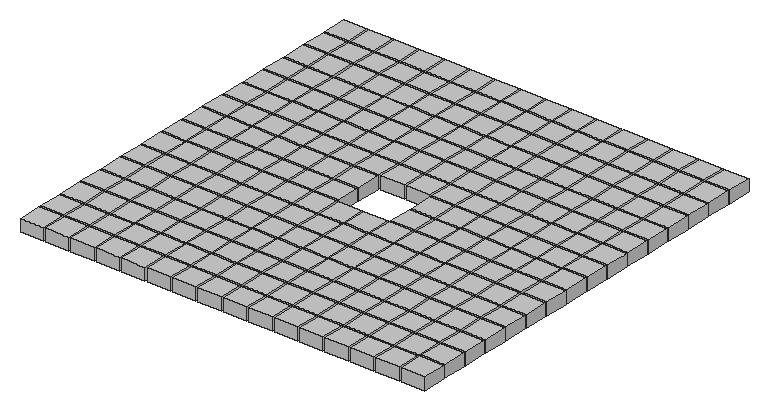
Revit family "Alcorque Ecológico", category Furniture, Revit 2020 (continued)
Automatic sketch dimensions
  Extrusion 95 sketch curve to Extrusion 95 sketch curve = 0.115 m
  Extrusion 96 sketch curve to Extrusion 96 sketch curve = 0.115 m
  plane 1299 to Extrusion 109 sketch curve = 0.005 m
  plane 1311 to Extrusion 110 sketch curve = 0.005 m
  plane 1323 to Extrusion 111 sketch curve = 0.005 m
  plane 1335 to Extrusion 112 sketch curve = 0.005 m
  plane 1347 to Extrusion 113 sketch curve = 0.005 m
  plane 1359 to Extrusion 114 sketch curve = 0.005 m
  plane 1371 to Extrusion 115 sketch curve = 0.005 m
  plane 1383 to Extrusion 116 sketch curve = 0.005 m
  Extrusion 117 sketch curve to Extrusion 117 sketch curve = 0.115 m
  Extrusion 118 sketch curve to Extrusion 118 sketch curve = 0.115 m
  Extrusion 119 sketch curve to Extrusion 119 sketch curve = 0.115 m
  Extrusion 120 sketch curve to Extrusion 120 sketch curve = 0.115 m
  plane 1539 to Extrusion 129 sketch curve = 0.005 m
  plane 1551 to Extrusion 130 sketch curve = 0.005 m
  plane 1563 to Extrusion 131 sketch curve = 0.005 m
  Extrusion 132 sketch curve to Extrusion 132 sketch curve = 0.115 m
  Extrusion 133 sketch curve to Extrusion 133 sketch curve = 0.115 m
  Extrusion 134 sketch curve to Extrusion 134 sketch curve = 0.115 m
  plane 1707 to Extrusion 143 sketch curve = 0.005 m
  plane 1719 to Extrusion 144 sketch curve = 0.005 m
  plane 1731 to Extrusion 145 sketch curve = 0.005 m
  plane 1743 to Extrusion 146 sketch curve = 0.005 m
  plane 1755 to Extrusion 147 sketch curve = 0.005 m
  plane 1767 to Extrusion 148 sketch curve = 0.005 m
  Extrusion 149 sketch curve to Extrusion 149 sketch curve = 0.115 m
  Extrusion 150 sketch curve to Extrusion 150 sketch curve = 0.115 m
  plane 1803 to Extrusion 151 sketch curve = 0.005 m
  Extrusion 152 sketch curve to Extrusion 152 sketch curve = 0.115 m
  Extrusion 153 sketch curve to Extrusion 153 sketch curve = 0.115 m
  Extrusion 154 sketch curve to Extrusion 154 sketch curve = 0.115 m
  Extrusion 155 sketch curve to Extrusion 155 sketch curve = 0.115 m
  Extrusion 156 sketch curve to Extrusion 156 sketch curve = 0.115 m
  Extrusion 157 sketch curve to Extrusion 157 sketch curve = 0.115 m
  Extrusion 158 sketch curve to Extrusion 158 sketch curve = 0.115 m
  Extrusion 183 sketch curve to Extrusion 183 sketch curve = 0.115 m
  Extrusion 184 sketch curve to Extrusion 184 sketch curve = 0.115 m
  Extrusion 185 sketch curve to Extrusion 185 sketch curve = 0.115 m
  Extrusion 198 sketch curve to Extrusion 198 sketch curve = 0.115 m
  Extrusion 199 sketch curve to Extrusion 199 sketch curve = 0.115 m
  Extrusion 200 sketch curve to Extrusion 200 sketch curve = 0.115 m
  plane 6135 to Extrusion 513 sketch curve = 0.005 m
  Extrusion 513 sketch curve to plane 6129 = 0.120 m
  Extrusion 513 sketch curve to plane 6129 = 0.005 m
  plane 6147 to Extrusion 514 sketch curve = 0.005 m
  Extrusion 514 sketch curve to plane 6141 = 0.120 m
  Extrusion 514 sketch curve to plane 6141 = 0.005 m
  plane 6159 to Extrusion 515 sketch curve = 0.005 m
  Extrusion 515 sketch curve to plane 6153 = 0.120 m
  Extrusion 515 sketch curve to plane 6153 = 0.005 m
  plane 6171 to Extrusion 516 sketch curve = 0.005 m
  Extrusion 516 sketch curve to plane 6165 = 0.120 m
  Extrusion 516 sketch curve to plane 6165 = 0.005 m
  plane 6183 to Extrusion 517 sketch curve = 0.005 m
  Extrusion 517 sketch curve to plane 6177 = 0.120 m
  Extrusion 517 sketch curve to plane 6177 = 0.005 m
  plane 6195 to Extrusion 518 sketch curve = 0.005 m
  Extrusion 518 sketch curve to plane 6189 = 0.120 m
  Extrusion 518 sketch curve to plane 6189 = 0.005 m
  plane 6207 to Extrusion 519 sketch curve = 0.005 m
  Extrusion 519 sketch curve to plane 6201 = 0.120 m
  Extrusion 519 sketch curve to plane 6201 = 0.005 m
  plane 6219 to Extrusion 520 sketch curve = 0.005 m
  Extrusion 520 sketch curve to plane 6213 = 0.120 m
  Extrusion 520 sketch curve to plane 6213 = 0.005 m
  plane 6231 to Extrusion 521 sketch curve = 0.005 m
  Extrusion 521 sketch curve to plane 6225 = 0.120 m
  Extrusion 521 sketch curve to plane 6225 = 0.005 m
  Extrusion 521 sketch curve to Extrusion 521 sketch curve = 0.115 m
  plane 6243 to Extrusion 522 sketch curve = 0.005 m
  Extrusion 522 sketch curve to plane 6237 = 0.120 m
  Extrusion 522 sketch curve to plane 6237 = 0.005 m
  Extrusion 522 sketch curve to Extrusion 522 sketch curve = 0.115 m
  plane 6255 to Extrusion 523 sketch curve = 0.005 m
  Extrusion 523 sketch curve to plane 6249 = 0.120 m
  Extrusion 523 sketch curve to plane 6249 = 0.005 m
  Extrusion 523 sketch curve to Extrusion 523 sketch curve = 0.115 m
  plane 6267 to Extrusion 524 sketch curve = 0.005 m
  Extrusion 524 sketch curve to plane 6261 = 0.120 m
  Extrusion 524 sketch curve to plane 6261 = 0.005 m
  Extrusion 524 sketch curve to Extrusion 524 sketch curve = 0.115 m
  plane 6279 to Extrusion 525 sketch curve = 0.005 m
  Extrusion 525 sketch curve to plane 6273 = 0.120 m
  Extrusion 525 sketch curve to plane 6273 = 0.005 m
  Extrusion 525 sketch curve to Extrusion 525 sketch curve = 0.115 m
  plane 6291 to Extrusion 526 sketch curve = 0.005 m
  Extrusion 526 sketch curve to plane 6285 = 0.120 m
  Extrusion 526 sketch curve to plane 6285 = 0.005 m
  Extrusion 526 sketch curve to Extrusion 526 sketch curve = 0.115 m
  plane 6303 to Extrusion 527 sketch curve = 0.005 m
  Extrusion 527 sketch curve to plane 6297 = 0.120 m
  Extrusion 527 sketch curve to plane 6297 = 0.005 m
  Extrusion 527 sketch curve to Extrusion 527 sketch curve = 0.115 m
  plane 6315 to Extrusion 528 sketch curve = 0.005 m
  Extrusion 528 sketch curve to plane 6309 = 0.120 m
  Extrusion 528 sketch curve to plane 6309 = 0.005 m
  Extrusion 528 sketch curve to Extrusion 528 sketch curve = 0.115 m
  plane 6327 to Extrusion 529 sketch curve = 0.005 m
  Extrusion 529 sketch curve to plane 6321 = 0.120 m
  Extrusion 529 sketch curve to plane 6321 = 0.005 m
  Extrusion 529 sketch curve to Extrusion 529 sketch curve = 0.115 m
  plane 6339 to Extrusion 530 sketch curve = 0.005 m
  Extrusion 530 sketch curve to plane 6333 = 0.120 m
  Extrusion 530 sketch curve to plane 6333 = 0.005 m
  Extrusion 530 sketch curve to Extrusion 530 sketch curve = 0.115 m
  plane 6351 to Extrusion 531 sketch curve = 0.005 m
  Extrusion 531 sketch curve to plane 6345 = 0.120 m
  Extrusion 531 sketch curve to plane 6345 = 0.005 m
  Extrusion 531 sketch curve to Extrusion 531 sketch curve = 0.115 m
  plane 6363 to Extrusion 532 sketch curve = 0.005 m
  Extrusion 532 sketch curve to plane 6357 = 0.120 m
  Extrusion 532 sketch curve to plane 6357 = 0.005 m
  Extrusion 532 sketch curve to Extrusion 532 sketch curve = 0.115 m
  plane 6375 to Extrusion 533 sketch curve = 0.005 m
  Extrusion 533 sketch curve to plane 6369 = 0.120 m
  Extrusion 533 sketch curve to plane 6369 = 0.005 m
  Extrusion 533 sketch curve to Extrusion 533 sketch curve = 0.115 m
  plane 6387 to Extrusion 534 sketch curve = 0.005 m
  Extrusion 534 sketch curve to plane 6381 = 0.120 m
  Extrusion 534 sketch curve to plane 6381 = 0.005 m
  Extrusion 534 sketch curve to Extrusion 534 sketch curve = 0.115 m
  plane 6399 to Extrusion 535 sketch curve = 0.005 m
  Extrusion 535 sketch curve to plane 6393 = 0.120 m
  Extrusion 535 sketch curve to plane 6393 = 0.005 m
  Extrusion 535 sketch curve to Extrusion 535 sketch curve = 0.115 m
  plane 6411 to Extrusion 536 sketch curve = 0.005 m
  Extrusion 536 sketch curve to plane 6405 = 0.120 m
  Extrusion 536 sketch curve to plane 6405 = 0.005 m
  Extrusion 536 sketch curve to Extrusion 536 sketch curve = 0.115 m
  Extrusion 537 sketch curve to plane 6417 = 0.120 m
  Extrusion 537 sketch curve to plane 6417 = 0.005 m
  Extrusion 537 sketch curve to Extrusion 537 sketch curve = 0.115 m
  Extrusion 538 sketch curve to plane 6429 = 0.120 m
  Extrusion 538 sketch curve to plane 6429 = 0.005 m
  Extrusion 538 sketch curve to Extrusion 538 sketch curve = 0.115 m
  Extrusion 539 sketch curve to plane 6441 = 0.120 m
  Extrusion 539 sketch curve to plane 6441 = 0.005 m
  Extrusion 539 sketch curve to Extrusion 539 sketch curve = 0.115 m
  Extrusion 540 sketch curve to plane 6453 = 0.120 m
  Extrusion 540 sketch curve to plane 6453 = 0.005 m
  Extrusion 540 sketch curve to Extrusion 540 sketch curve = 0.115 m
  Extrusion 541 sketch curve to plane 6465 = 0.120 m
  Extrusion 541 sketch curve to plane 6465 = 0.005 m
  Extrusion 541 sketch curve to Extrusion 541 sketch curve = 0.115 m
  Extrusion 542 sketch curve to plane 6477 = 0.120 m
  Extrusion 542 sketch curve to plane 6477 = 0.005 m
  Extrusion 542 sketch curve to Extrusion 542 sketch curve = 0.115 m
  plane 6495 to Extrusion 543 sketch curve = 0.005 m
  Extrusion 543 sketch curve to plane 6489 = 0.120 m
  Extrusion 543 sketch curve to plane 6489 = 0.005 m
  plane 6507 to Extrusion 544 sketch curve = 0.005 m
  Extrusion 544 sketch curve to plane 6501 = 0.120 m
  Extrusion 544 sketch curve to plane 6501 = 0.005 m
  plane 6519 to Extrusion 545 sketch curve = 0.005 m
  Extrusion 545 sketch curve to plane 6513 = 0.120 m
  Extrusion 545 sketch curve to plane 6513 = 0.005 m
  plane 6531 to Extrusion 546 sketch curve = 0.005 m
  Extrusion 546 sketch curve to plane 6525 = 0.120 m
  Extrusion 546 sketch curve to plane 6525 = 0.005 m
  plane 6543 to Extrusion 547 sketch curve = 0.005 m
  Extrusion 547 sketch curve to plane 6537 = 0.120 m
  Extrusion 547 sketch curve to plane 6537 = 0.005 m
  plane 6555 to Extrusion 548 sketch curve = 0.005 m
  Extrusion 548 sketch curve to plane 6549 = 0.120 m
  Extrusion 548 sketch curve to plane 6549 = 0.005 m
  plane 6567 to Extrusion 549 sketch curve = 0.005 m
  Extrusion 549 sketch curve to plane 6561 = 0.120 m
  Extrusion 549 sketch curve to plane 6561 = 0.005 m
  Extrusion 549 sketch curve to Extrusion 549 sketch curve = 0.115 m
  plane 6579 to Extrusion 550 sketch curve = 0.005 m
  Extrusion 550 sketch curve to plane 6573 = 0.120 m
  Extrusion 550 sketch curve to plane 6573 = 0.005 m
  Extrusion 550 sketch curve to Extrusion 550 sketch curve = 0.115 m
  plane 6591 to Extrusion 551 sketch curve = 0.005 m
  Extrusion 551 sketch curve to plane 6585 = 0.120 m
  Extrusion 551 sketch curve to plane 6585 = 0.005 m
  Extrusion 551 sketch curve to Extrusion 551 sketch curve = 0.115 m
  plane 6603 to Extrusion 552 sketch curve = 0.005 m
  Extrusion 552 sketch curve to plane 6597 = 0.120 m
  Extrusion 552 sketch curve to plane 6597 = 0.005 m
  Extrusion 552 sketch curve to Extrusion 552 sketch curve = 0.115 m
  plane 6615 to Extrusion 553 sketch curve = 0.005 m
  Extrusion 553 sketch curve to plane 6609 = 0.120 m
  Extrusion 553 sketch curve to plane 6609 = 0.005 m
  Extrusion 553 sketch curve to Extrusion 553 sketch curve = 0.115 m
  plane 6627 to Extrusion 554 sketch curve = 0.005 m
  Extrusion 554 sketch curve to plane 6621 = 0.120 m
  Extrusion 554 sketch curve to plane 6621 = 0.005 m
  Extrusion 554 sketch curve to Extrusion 554 sketch curve = 0.115 m
  plane 6639 to Extrusion 555 sketch curve = 0.005 m
  Extrusion 555 sketch curve to plane 6633 = 0.120 m
  Extrusion 555 sketch curve to plane 6633 = 0.005 m
  Extrusion 555 sketch curve to Extrusion 555 sketch curve = 0.115 m
  plane 6651 to Extrusion 556 sketch curve = 0.005 m
  Extrusion 556 sketch curve to plane 6645 = 0.120 m
  Extrusion 556 sketch curve to plane 6645 = 0.005 m
  Extrusion 556 sketch curve to Extrusion 556 sketch curve = 0.115 m
  plane 6663 to Extrusion 557 sketch curve = 0.005 m
  Extrusion 557 sketch curve to plane 6657 = 0.120 m
  Extrusion 557 sketch curve to plane 6657 = 0.005 m
  Extrusion 557 sketch curve to Extrusion 557 sketch curve = 0.115 m
  plane 6675 to Extrusion 558 sketch curve = 0.005 m
  Extrusion 558 sketch curve to plane 6669 = 0.120 m
  Extrusion 558 sketch curve to plane 6669 = 0.005 m
  Extrusion 558 sketch curve to Extrusion 558 sketch curve = 0.115 m
  plane 6687 to Extrusion 559 sketch curve = 0.005 m
  Extrusion 559 sketch curve to plane 6681 = 0.120 m
  Extrusion 559 sketch curve to plane 6681 = 0.005 m
  Extrusion 559 sketch curve to Extrusion 559 sketch curve = 0.115 m
  plane 6699 to Extrusion 560 sketch curve = 0.005 m
  Extrusion 560 sketch curve to plane 6693 = 0.120 m
  Extrusion 560 sketch curve to plane 6693 = 0.005 m
  Extrusion 560 sketch curve to Extrusion 560 sketch curve = 0.115 m
  Extrusion 561 sketch curve to plane 6705 = 0.120 m
  Extrusion 561 sketch curve to plane 6705 = 0.005 m
  Extrusion 561 sketch curve to Extrusion 561 sketch curve = 0.115 m
  Extrusion 562 sketch curve to plane 6717 = 0.120 m
  Extrusion 562 sketch curve to plane 6717 = 0.005 m
  Extrusion 562 sketch curve to Extrusion 562 sketch curve = 0.115 m
  Extrusion 563 sketch curve to plane 6729 = 0.120 m
  Extrusion 563 sketch curve to plane 6729 = 0.005 m
  Extrusion 563 sketch curve to Extrusion 563 sketch curve = 0.115 m
  Extrusion 564 sketch curve to plane 6741 = 0.120 m
  Extrusion 564 sketch curve to plane 6741 = 0.005 m
  Extrusion 564 sketch curve to Extrusion 564 sketch curve = 0.115 m
  Extrusion 565 sketch curve to plane 6753 = 0.120 m
  Extrusion 565 sketch curve to plane 6753 = 0.005 m
  Extrusion 565 sketch curve to Extrusion 565 sketch curve = 0.115 m
  Extrusion 566 sketch curve to plane 6765 = 0.120 m
  Extrusion 566 sketch curve to plane 6765 = 0.005 m
  Extrusion 566 sketch curve to Extrusion 566 sketch curve = 0.115 m
  Extrusion 567 sketch curve to plane 6777 = 0.120 m
  Extrusion 567 sketch curve to plane 6777 = 0.005 m
  Extrusion 567 sketch curve to Extrusion 567 sketch curve = 0.115 m
  Extrusion 568 sketch curve to plane 6789 = 0.120 m
  Extrusion 568 sketch curve to plane 6789 = 0.005 m
  Extrusion 568 sketch curve to Extrusion 568 sketch curve = 0.115 m
  plane 6807 to Extrusion 569 sketch curve = 0.005 m
  Extrusion 569 sketch curve to plane 6801 = 0.120 m
  Extrusion 569 sketch curve to plane 6801 = 0.005 m
  plane 6819 to Extrusion 570 sketch curve = 0.005 m
  Extrusion 570 sketch curve to plane 6813 = 0.120 m
  Extrusion 570 sketch curve to plane 6813 = 0.005 m
  plane 6831 to Extrusion 571 sketch curve = 0.005 m
  Extrusion 571 sketch curve to plane 6825 = 0.120 m
  Extrusion 571 sketch curve to plane 6825 = 0.005 m
  plane 6843 to Extrusion 572 sketch curve = 0.005 m
  Extrusion 572 sketch curve to plane 6837 = 0.120 m
  Extrusion 572 sketch curve to plane 6837 = 0.005 m
  plane 6855 to Extrusion 573 sketch curve = 0.005 m
  Extrusion 573 sketch curve to plane 6849 = 0.120 m
  Extrusion 573 sketch curve to plane 6849 = 0.005 m
  Extrusion 573 sketch curve to Extrusion 573 sketch curve = 0.115 m
  plane 6867 to Extrusion 574 sketch curve = 0.005 m
  Extrusion 574 sketch curve to plane 6861 = 0.120 m
  Extrusion 574 sketch curve to plane 6861 = 0.005 m
  Extrusion 574 sketch curve to Extrusion 574 sketch curve = 0.115 m
  plane 6879 to Extrusion 575 sketch curve = 0.005 m
  Extrusion 575 sketch curve to plane 6873 = 0.120 m
  Extrusion 575 sketch curve to plane 6873 = 0.005 m
  Extrusion 575 sketch curve to Extrusion 575 sketch curve = 0.115 m
  plane 6891 to Extrusion 576 sketch curve = 0.005 m
  Extrusion 576 sketch curve to plane 6885 = 0.120 m
  Extrusion 576 sketch curve to plane 6885 = 0.005 m
  Extrusion 576 sketch curve to Extrusion 576 sketch curve = 0.115 m
  plane 6903 to Extrusion 577 sketch curve = 0.005 m
  Extrusion 577 sketch curve to plane 6897 = 0.120 m
  Extrusion 577 sketch curve to plane 6897 = 0.005 m
  Extrusion 577 sketch curve to Extrusion 577 sketch curve = 0.115 m
  plane 6915 to Extrusion 578 sketch curve = 0.005 m
  Extrusion 578 sketch curve to plane 6909 = 0.120 m
  Extrusion 578 sketch curve to plane 6909 = 0.005 m
  Extrusion 578 sketch curve to Extrusion 578 sketch curve = 0.115 m
  plane 6927 to Extrusion 579 sketch curve = 0.005 m
  Extrusion 579 sketch curve to plane 6921 = 0.120 m
  Extrusion 579 sketch curve to plane 6921 = 0.005 m
  Extrusion 579 sketch curve to Extrusion 579 sketch curve = 0.115 m
  plane 6939 to Extrusion 580 sketch curve = 0.005 m
  Extrusion 580 sketch curve to plane 6933 = 0.120 m
  Extrusion 580 sketch curve to plane 6933 = 0.005 m
  Extrusion 580 sketch curve to Extrusion 580 sketch curve = 0.115 m
  Extrusion 581 sketch curve to plane 6945 = 0.120 m
  Extrusion 581 sketch curve to plane 6945 = 0.005 m
  Extrusion 581 sketch curve to Extrusion 581 sketch curve = 0.115 m
  Extrusion 582 sketch curve to plane 6957 = 0.120 m
  Extrusion 582 sketch curve to plane 6957 = 0.005 m
  Extrusion 582 sketch curve to Extrusion 582 sketch curve = 0.115 m
  Extrusion 583 sketch curve to plane 6969 = 0.120 m
  Extrusion 583 sketch curve to plane 6969 = 0.005 m
  Extrusion 583 sketch curve to Extrusion 583 sketch curve = 0.115 m
  plane 6987 to Extrusion 584 sketch curve = 0.005 m
  Extrusion 584 sketch curve to plane 6981 = 0.120 m
  Extrusion 584 sketch curve to plane 6981 = 0.005 m
  plane 6999 to Extrusion 585 sketch curve = 0.005 m
  Extrusion 585 sketch curve to plane 6993 = 0.120 m
  Extrusion 585 sketch curve to plane 6993 = 0.005 m
  plane 7011 to Extrusion 586 sketch curve = 0.005 m
  Extrusion 586 sketch curve to plane 7005 = 0.120 m
  Extrusion 586 sketch curve to plane 7005 = 0.005 m
  plane 7023 to Extrusion 587 sketch curve = 0.005 m
  Extrusion 587 sketch curve to plane 7017 = 0.120 m
  Extrusion 587 sketch curve to plane 7017 = 0.005 m
  Extrusion 587 sketch curve to Extrusion 587 sketch curve = 0.115 m
  plane 7035 to Extrusion 588 sketch curve = 0.005 m
  Extrusion 588 sketch curve to plane 7029 = 0.120 m
  Extrusion 588 sketch curve to plane 7029 = 0.005 m
  Extrusion 588 sketch curve to Extrusion 588 sketch curve = 0.115 m
  plane 7047 to Extrusion 589 sketch curve = 0.005 m
  Extrusion 589 sketch curve to plane 7041 = 0.120 m
  Extrusion 589 sketch curve to plane 7041 = 0.005 m
  Extrusion 589 sketch curve to Extrusion 589 sketch curve = 0.115 m
  plane 7059 to Extrusion 590 sketch curve = 0.005 m
  Extrusion 590 sketch curve to plane 7053 = 0.120 m
  Extrusion 590 sketch curve to plane 7053 = 0.005 m
  Extrusion 590 sketch curve to Extrusion 590 sketch curve = 0.115 m
  plane 7071 to Extrusion 591 sketch curve = 0.005 m
  Extrusion 591 sketch curve to plane 7065 = 0.120 m
  Extrusion 591 sketch curve to plane 7065 = 0.005 m
  Extrusion 591 sketch curve to Extrusion 591 sketch curve = 0.115 m
  plane 7083 to Extrusion 592 sketch curve = 0.005 m
  Extrusion 592 sketch curve to plane 7077 = 0.120 m
  Extrusion 592 sketch curve to plane 7077 = 0.005 m
  Extrusion 592 sketch curve to Extrusion 592 sketch curve = 0.115 m
  plane 7095 to Extrusion 593 sketch curve = 0.005 m
  Extrusion 593 sketch curve to plane 7089 = 0.120 m
  Extrusion 593 sketch curve to plane 7089 = 0.005 m
  Extrusion 593 sketch curve to Extrusion 593 sketch curve = 0.115 m
  plane 7107 to Extrusion 594 sketch curve = 0.005 m
  Extrusion 594 sketch curve to plane 7101 = 0.120 m
  Extrusion 594 sketch curve to plane 7101 = 0.005 m
  Extrusion 594 sketch curve to Extrusion 594 sketch curve = 0.115 m
  Extrusion 595 sketch curve to plane 7113 = 0.120 m
  Extrusion 595 sketch curve to plane 7113 = 0.005 m
  Extrusion 595 sketch curve to Extrusion 595 sketch curve = 0.115 m
  Extrusion 596 sketch curve to plane 7125 = 0.120 m
  Extrusion 596 sketch curve to plane 7125 = 0.005 m
  Extrusion 596 sketch curve to Extrusion 596 sketch curve = 0.115 m
  Extrusion 597 sketch curve to plane 7137 = 0.120 m
  Extrusion 597 sketch curve to plane 7137 = 0.005 m
  Extrusion 597 sketch curve to Extrusion 597 sketch curve = 0.115 m
  Extrusion 598 sketch curve to plane 7149 = 0.120 m
  Extrusion 598 sketch curve to plane 7149 = 0.005 m
  Extrusion 598 sketch curve to Extrusion 598 sketch curve = 0.115 m
  Extrusion 599 sketch curve to plane 7161 = 0.120 m
  Extrusion 599 sketch curve to plane 7161 = 0.005 m
  Extrusion 599 sketch curve to Extrusion 599 sketch curve = 0.115 m
  Extrusion 600 sketch curve to plane 7173 = 0.120 m
  Extrusion 600 sketch curve to plane 7173 = 0.005 m
  Extrusion 600 sketch curve to Extrusion 600 sketch curve = 0.115 m
  plane 7191 to Extrusion 601 sketch curve = 0.005 m
  Extrusion 601 sketch curve to plane 7185 = 0.120 m
  Extrusion 601 sketch curve to plane 7185 = 0.005 m
  plane 7203 to Extrusion 602 sketch curve = 0.005 m
  Extrusion 602 sketch curve to plane 7197 = 0.120 m
  Extrusion 602 sketch curve to plane 7197 = 0.005 m
  Extrusion 603 sketch curve to plane 7209 = 0.120 m
  Extrusion 603 sketch curve to plane 7209 = 0.005 m
  Extrusion 603 sketch curve to Extrusion 603 sketch curve = 0.115 m
  plane 7227 to Extrusion 604 sketch curve = 0.005 m
  Extrusion 604 sketch curve to plane 7221 = 0.120 m
  Extrusion 604 sketch curve to plane 7221 = 0.005 m
  plane 7239 to Extrusion 605 sketch curve = 0.005 m
  Extrusion 605 sketch curve to plane 7233 = 0.120 m
  Extrusion 605 sketch curve to plane 7233 = 0.005 m
  plane 7251 to Extrusion 606 sketch curve = 0.005 m
  Extrusion 606 sketch curve to plane 7245 = 0.120 m
  Extrusion 606 sketch curve to plane 7245 = 0.005 m
  plane 7263 to Extrusion 607 sketch curve = 0.005 m
  Extrusion 607 sketch curve to plane 7257 = 0.120 m
  Extrusion 607 sketch curve to plane 7257 = 0.005 m
  plane 7275 to Extrusion 608 sketch curve = 0.005 m
  Extrusion 608 sketch curve to plane 7269 = 0.120 m
  Extrusion 608 sketch curve to plane 7269 = 0.005 m
  plane 7287 to Extrusion 609 sketch curve = 0.005 m
  Extrusion 609 sketch curve to plane 7281 = 0.120 m
  Extrusion 609 sketch curve to plane 7281 = 0.005 m
  plane 7299 to Extrusion 610 sketch curve = 0.005 m
  Extrusion 610 sketch curve to plane 7293 = 0.120 m
  Extrusion 610 sketch curve to plane 7293 = 0.005 m
  plane 7311 to Extrusion 611 sketch curve = 0.005 m
  Extrusion 611 sketch curve to plane 7305 = 0.120 m
  Extrusion 611 sketch curve to plane 7305 = 0.005 m
  Extrusion 611 sketch curve to Extrusion 611 sketch curve = 0.115 m
  plane 7323 to Extrusion 612 sketch curve = 0.005 m
  Extrusion 612 sketch curve to plane 7317 = 0.120 m
  Extrusion 612 sketch curve to plane 7317 = 0.005 m
  Extrusion 612 sketch curve to Extrusion 612 sketch curve = 0.115 m
  plane 7335 to Extrusion 613 sketch curve = 0.005 m
  Extrusion 613 sketch curve to plane 7329 = 0.120 m
  Extrusion 613 sketch curve to plane 7329 = 0.005 m
  Extrusion 613 sketch curve to Extrusion 613 sketch curve = 0.115 m
  plane 7347 to Extrusion 614 sketch curve = 0.005 m
  Extrusion 614 sketch curve to plane 7341 = 0.120 m
  Extrusion 614 sketch curve to plane 7341 = 0.005 m
  Extrusion 614 sketch curve to Extrusion 614 sketch curve = 0.115 m
  plane 7359 to Extrusion 615 sketch curve = 0.005 m
  Extrusion 615 sketch curve to plane 7353 = 0.120 m
  Extrusion 615 sketch curve to plane 7353 = 0.005 m
  Extrusion 615 sketch curve to Extrusion 615 sketch curve = 0.115 m
  plane 7371 to Extrusion 616 sketch curve = 0.005 m
  Extrusion 616 sketch curve to plane 7365 = 0.120 m
  Extrusion 616 sketch curve to plane 7365 = 0.005 m
  Extrusion 616 sketch curve to Extrusion 616 sketch curve = 0.115 m
  plane 7383 to Extrusion 617 sketch curve = 0.005 m
  Extrusion 617 sketch curve to plane 7377 = 0.120 m
  Extrusion 617 sketch curve to plane 7377 = 0.005 m
  Extrusion 617 sketch curve to Extrusion 617 sketch curve = 0.115 m
  plane 7395 to Extrusion 618 sketch curve = 0.005 m
  Extrusion 618 sketch curve to plane 7389 = 0.120 m
  Extrusion 618 sketch curve to plane 7389 = 0.005 m
  Extrusion 618 sketch curve to Extrusion 618 sketch curve = 0.115 m
  plane 7407 to Extrusion 619 sketch curve = 0.005 m
  Extrusion 619 sketch curve to plane 7401 = 0.120 m
  Extrusion 619 sketch curve to plane 7401 = 0.005 m
  Extrusion 619 sketch curve to Extrusion 619 sketch curve = 0.115 m
  plane 7419 to Extrusion 620 sketch curve = 0.005 m
  Extrusion 620 sketch curve to plane 7413 = 0.120 m
  Extrusion 620 sketch curve to plane 7413 = 0.005 m
  Extrusion 620 sketch curve to Extrusion 620 sketch curve = 0.115 m
  plane 7431 to Extrusion 621 sketch curve = 0.005 m
  Extrusion 621 sketch curve to plane 7425 = 0.120 m
  Extrusion 621 sketch curve to plane 7425 = 0.005 m
  Extrusion 621 sketch curve to Extrusion 621 sketch curve = 0.115 m
  plane 7443 to Extrusion 622 sketch curve = 0.005 m
  Extrusion 622 sketch curve to plane 7437 = 0.120 m
  Extrusion 622 sketch curve to plane 7437 = 0.005 m
  Extrusion 622 sketch curve to Extrusion 622 sketch curve = 0.115 m
  plane 7455 to Extrusion 623 sketch curve = 0.005 m
  Extrusion 623 sketch curve to plane 7449 = 0.120 m
  Extrusion 623 sketch curve to plane 7449 = 0.005 m
  Extrusion 623 sketch curve to Extrusion 623 sketch curve = 0.115 m
  plane 7467 to Extrusion 624 sketch curve = 0.005 m
  Extrusion 624 sketch curve to plane 7461 = 0.120 m
  Extrusion 624 sketch curve to plane 7461 = 0.005 m
  Extrusion 624 sketch curve to Extrusion 624 sketch curve = 0.115 m
  plane 7479 to Extrusion 625 sketch curve = 0.005 m
  Extrusion 625 sketch curve to plane 7473 = 0.120 m
  Extrusion 625 sketch curve to plane 7473 = 0.005 m
  Extrusion 625 sketch curve to Extrusion 625 sketch curve = 0.115 m
  plane 7491 to Extrusion 626 sketch curve = 0.005 m
  Extrusion 626 sketch curve to plane 7485 = 0.120 m
  Extrusion 626 sketch curve to plane 7485 = 0.005 m
  Extrusion 626 sketch curve to Extrusion 626 sketch curve = 0.115 m
  plane 7503 to Extrusion 627 sketch curve = 0.005 m
  Extrusion 627 sketch curve to plane 7497 = 0.120 m
  Extrusion 627 sketch curve to plane 7497 = 0.005 m
  Extrusion 627 sketch curve to Extrusion 627 sketch curve = 0.115 m
  plane 7515 to Extrusion 628 sketch curve = 0.005 m
  Extrusion 628 sketch curve to plane 7509 = 0.120 m
  Extrusion 628 sketch curve to plane 7509 = 0.005 m
  Extrusion 628 sketch curve to Extrusion 628 sketch curve = 0.115 m
  plane 7527 to Extrusion 629 sketch curve = 0.005 m
  Extrusion 629 sketch curve to plane 7521 = 0.120 m
  Extrusion 629 sketch curve to plane 7521 = 0.005 m
  Extrusion 629 sketch curve to Extrusion 629 sketch curve = 0.115 m
  plane 7539 to Extrusion 630 sketch curve = 0.005 m
  Extrusion 630 sketch curve to plane 7533 = 0.120 m
  Extrusion 630 sketch curve to plane 7533 = 0.005 m
  Extrusion 630 sketch curve to Extrusion 630 sketch curve = 0.115 m
  plane 7551 to Extrusion 631 sketch curve = 0.005 m
  Extrusion 631 sketch curve to plane 7545 = 0.120 m
  Extrusion 631 sketch curve to plane 7545 = 0.005 m
  Extrusion 631 sketch curve to Extrusion 631 sketch curve = 0.115 m
  plane 7563 to Extrusion 632 sketch curve = 0.005 m
  Extrusion 632 sketch curve to plane 7557 = 0.120 m
  Extrusion 632 sketch curve to plane 7557 = 0.005 m
  Extrusion 632 sketch curve to Extrusion 632 sketch curve = 0.115 m
  plane 7575 to Extrusion 633 sketch curve = 0.005 m
  Extrusion 633 sketch curve to plane 7569 = 0.120 m
  Extrusion 633 sketch curve to plane 7569 = 0.005 m
  Extrusion 633 sketch curve to Extrusion 633 sketch curve = 0.115 m
  plane 7587 to Extrusion 634 sketch curve = 0.005 m
  Extrusion 634 sketch curve to plane 7581 = 0.120 m
  Extrusion 634 sketch curve to plane 7581 = 0.005 m
  Extrusion 634 sketch curve to Extrusion 634 sketch curve = 0.115 m
  plane 7599 to Extrusion 635 sketch curve = 0.005 m
  Extrusion 635 sketch curve to plane 7593 = 0.120 m
  Extrusion 635 sketch curve to plane 7593 = 0.005 m
  plane 7611 to Extrusion 636 sketch curve = 0.005 m
  Extrusion 636 sketch curve to plane 7605 = 0.120 m
  Extrusion 636 sketch curve to plane 7605 = 0.005 m
  plane 7623 to Extrusion 637 sketch curve = 0.005 m
  Extrusion 637 sketch curve to plane 7617 = 0.120 m
  Extrusion 637 sketch curve to plane 7617 = 0.005 m
  plane 7635 to Extrusion 638 sketch curve = 0.005 m
  Extrusion 638 sketch curve to plane 7629 = 0.120 m
  Extrusion 638 sketch curve to plane 7629 = 0.005 m
  Extrusion 638 sketch curve to Extrusion 638 sketch curve = 0.115 m
  plane 7647 to Extrusion 639 sketch curve = 0.005 m
  Extrusion 639 sketch curve to plane 7641 = 0.120 m
  Extrusion 639 sketch curve to plane 7641 = 0.005 m
  Extrusion 639 sketch curve to Extrusion 639 sketch curve = 0.115 m
  plane 7659 to Extrusion 640 sketch curve = 0.005 m
  Extrusion 640 sketch curve to plane 7653 = 0.120 m
  Extrusion 640 sketch curve to plane 7653 = 0.005 m
  Extrusion 640 sketch curve to Extrusion 640 sketch curve = 0.115 m
  plane 7671 to Extrusion 641 sketch curve = 0.005 m
  Extrusion 641 sketch curve to plane 7665 = 0.120 m
  Extrusion 641 sketch curve to plane 7665 = 0.005 m
  Extrusion 641 sketch curve to Extrusion 641 sketch curve = 0.115 m
  plane 7683 to Extrusion 642 sketch curve = 0.005 m
  Extrusion 642 sketch curve to plane 7677 = 0.120 m
  Extrusion 642 sketch curve to plane 7677 = 0.005 m
  Extrusion 642 sketch curve to Extrusion 642 sketch curve = 0.115 m
  plane 7695 to Extrusion 643 sketch curve = 0.005 m
  Extrusion 643 sketch curve to plane 7689 = 0.120 m
  Extrusion 643 sketch curve to plane 7689 = 0.005 m
  Extrusion 643 sketch curve to Extrusion 643 sketch curve = 0.115 m
  plane 7707 to Extrusion 644 sketch curve = 0.005 m
  Extrusion 644 sketch curve to plane 7701 = 0.120 m
  Extrusion 644 sketch curve to plane 7701 = 0.005 m
  Extrusion 644 sketch curve to Extrusion 644 sketch curve = 0.115 m
  plane 7719 to Extrusion 645 sketch curve = 0.005 m
  Extrusion 645 sketch curve to plane 7713 = 0.120 m
  Extrusion 645 sketch curve to plane 7713 = 0.005 m
  Extrusion 645 sketch curve to Extrusion 645 sketch curve = 0.115 m
  plane 7731 to Extrusion 646 sketch curve = 0.005 m
  Extrusion 646 sketch curve to plane 7725 = 0.120 m
  Extrusion 646 sketch curve to plane 7725 = 0.005 m
  Extrusion 646 sketch curve to Extrusion 646 sketch curve = 0.115 m
  plane 7743 to Extrusion 647 sketch curve = 0.005 m
  Extrusion 647 sketch curve to plane 7737 = 0.120 m
  Extrusion 647 sketch curve to plane 7737 = 0.005 m
  Extrusion 647 sketch curve to Extrusion 647 sketch curve = 0.115 m
  plane 7755 to Extrusion 648 sketch curve = 0.005 m
  Extrusion 648 sketch curve to plane 7749 = 0.120 m
  Extrusion 648 sketch curve to plane 7749 = 0.005 m
  Extrusion 648 sketch curve to Extrusion 648 sketch curve = 0.115 m
  plane 7767 to Extrusion 649 sketch curve = 0.005 m
  Extrusion 649 sketch curve to plane 7761 = 0.120 m
  Extrusion 649 sketch curve to plane 7761 = 0.005 m
  Extrusion 649 sketch curve to Extrusion 649 sketch curve = 0.115 m
  plane 7779 to Extrusion 650 sketch curve = 0.005 m
  Extrusion 650 sketch curve to plane 7773 = 0.120 m
  Extrusion 650 sketch curve to plane 7773 = 0.005 m
  plane 7791 to Extrusion 651 sketch curve = 0.005 m
  Extrusion 651 sketch curve to plane 7785 = 0.120 m
  Extrusion 651 sketch curve to plane 7785 = 0.005 m
  plane 7803 to Extrusion 652 sketch curve = 0.005 m
  Extrusion 652 sketch curve to plane 7797 = 0.120 m
  Extrusion 652 sketch curve to plane 7797 = 0.005 m
  Extrusion 513 sketch curve to Extrusion 513 sketch curve = 0.115 m
  Extrusion 514 sketch curve to Extrusion 514 sketch curve = 0.115 m
  Extrusion 515 sketch curve to Extrusion 515 sketch curve = 0.115 m
  Extrusion 516 sketch curve to Extrusion 516 sketch curve = 0.115 m
  Extrusion 517 sketch curve to Extrusion 517 sketch curve = 0.115 m
  Extrusion 518 sketch curve to Extrusion 518 sketch curve = 0.115 m
  Extrusion 519 sketch curve to Extrusion 519 sketch curve = 0.115 m
  Extrusion 520 sketch curve to Extrusion 520 sketch curve = 0.115 m
  plane 6423 to Extrusion 537 sketch curve = 0.005 m
  plane 6435 to Extrusion 538 sketch curve = 0.005 m
  plane 6447 to Extrusion 539 sketch curve = 0.005 m
  plane 6459 to Extrusion 540 sketch curve = 0.005 m
  plane 6471 to Extrusion 541 sketch curve = 0.005 m
  plane 6483 to Extrusion 542 sketch curve = 0.005 m
  Extrusion 543 sketch curve to Extrusion 543 sketch curve = 0.115 m
  Extrusion 544 sketch curve to Extrusion 544 sketch curve = 0.115 m
  Extrusion 545 sketch curve to Extrusion 545 sketch curve = 0.115 m
  Extrusion 546 sketch curve to Extrusion 546 sketch curve = 0.115 m
  Extrusion 547 sketch curve to Extrusion 547 sketch curve = 0.115 m
  Extrusion 548 sketch curve to Extrusion 548 sketch curve = 0.115 m
  plane 6711 to Extrusion 561 sketch curve = 0.005 m
  plane 6723 to Extrusion 562 sketch curve = 0.005 m
  plane 6735 to Extrusion 563 sketch curve = 0.005 m
  plane 6747 to Extrusion 564 sketch curve = 0.005 m
  plane 6759 to Extrusion 565 sketch curve = 0.005 m
  plane 6771 to Extrusion 566 sketch curve = 0.005 m
  plane 6783 to Extrusion 567 sketch curve = 0.005 m
  plane 6795 to Extrusion 568 sketch curve = 0.005 m
  Extrusion 569 sketch curve to Extrusion 569 sketch curve = 0.115 m
  Extrusion 570 sketch curve to Extrusion 570 sketch curve = 0.115 m
  Extrusion 571 sketch curve to Extrusion 571 sketch curve = 0.115 m
  Extrusion 572 sketch curve to Extrusion 572 sketch curve = 0.115 m
  plane 6951 to Extrusion 581 sketch curve = 0.005 m
  plane 6963 to Extrusion 582 sketch curve = 0.005 m
  plane 6975 to Extrusion 583 sketch curve = 0.005 m
  Extrusion 584 sketch curve to Extrusion 584 sketch curve = 0.115 m
  Extrusion 585 sketch curve to Extrusion 585 sketch curve = 0.115 m
  Extrusion 586 sketch curve to Extrusion 586 sketch curve = 0.115 m
  plane 7119 to Extrusion 595 sketch curve = 0.005 m
  plane 7131 to Extrusion 596 sketch curve = 0.005 m
  plane 7143 to Extrusion 597 sketch curve = 0.005 m
  plane 7155 to Extrusion 598 sketch curve = 0.005 m
  plane 7167 to Extrusion 599 sketch curve = 0.005 m
  plane 7179 to Extrusion 600 sketch curve = 0.005 m
  Extrusion 601 sketch curve to Extrusion 601 sketch curve = 0.115 m
  Extrusion 602 sketch curve to Extrusion 602 sketch curve = 0.115 m
  plane 7215 to Extrusion 603 sketch curve = 0.005 m
  Extrusion 604 sketch curve to Extrusion 604 sketch curve = 0.115 m
  Extrusion 605 sketch curve to Extrusion 605 sketch curve = 0.115 m
  Extrusion 606 sketch curve to Extrusion 606 sketch curve = 0.115 m
  Extrusion 607 sketch curve to Extrusion 607 sketch curve = 0.115 m
  Extrusion 608 sketch curve to Extrusion 608 sketch curve = 0.115 m
  Extrusion 609 sketch curve to Extrusion 609 sketch curve = 0.115 m
  Extrusion 610 sketch curve to Extrusion 610 sketch curve = 0.115 m
  Extrusion 635 sketch curve to Extrusion 635 sketch curve = 0.115 m
  Extrusion 636 sketch curve to Extrusion 636 sketch curve = 0.115 m
  Extrusion 637 sketch curve to Extrusion 637 sketch curve = 0.115 m
  Extrusion 650 sketch curve to Extrusion 650 sketch curve = 0.115 m
  Extrusion 651 sketch curve to Extrusion 651 sketch curve = 0.115 m
  Extrusion 652 sketch curve to Extrusion 652 sketch curve = 0.115 m
  Extrusion 201 sketch curve to Extrusion 201 sketch curve = 0.115 m
  Extrusion 202 sketch curve to Extrusion 202 sketch curve = 0.115 m
  Extrusion 203 sketch curve to Extrusion 203 sketch curve = 0.115 m
  Extrusion 204 sketch curve to Extrusion 204 sketch curve = 0.115 m
  Extrusion 205 sketch curve to Extrusion 205 sketch curve = 0.115 m
  Extrusion 206 sketch curve to Extrusion 206 sketch curve = 0.115 m
  Extrusion 207 sketch curve to Extrusion 207 sketch curve = 0.115 m
  Extrusion 208 sketch curve to Extrusion 208 sketch curve = 0.115 m
  plane 2691 to Extrusion 225 sketch curve = 0.005 m
  plane 2703 to Extrusion 226 sketch curve = 0.005 m
  plane 2715 to Extrusion 227 sketch curve = 0.005 m
  plane 2727 to Extrusion 228 sketch curve = 0.005 m
  plane 2739 to Extrusion 229 sketch curve = 0.005 m
  plane 2751 to Extrusion 230 sketch curve = 0.005 m
  Extrusion 231 sketch curve to Extrusion 231 sketch curve = 0.115 m
  Extrusion 232 sketch curve to Extrusion 232 sketch curve = 0.115 m
  Extrusion 233 sketch curve to Extrusion 233 sketch curve = 0.115 m
  Extrusion 234 sketch curve to Extrusion 234 sketch curve = 0.115 m
  Extrusion 235 sketch curve to Extrusion 235 sketch curve = 0.115 m
  Extrusion 236 sketch curve to Extrusion 236 sketch curve = 0.115 m
  plane 2979 to Extrusion 249 sketch curve = 0.005 m
  plane 2991 to Extrusion 250 sketch curve = 0.005 m
  plane 3003 to Extrusion 251 sketch curve = 0.005 m
  plane 3015 to Extrusion 252 sketch curve = 0.005 m
  plane 3027 to Extrusion 253 sketch curve = 0.005 m
  plane 3039 to Extrusion 254 sketch curve = 0.005 m
  plane 3051 to Extrusion 255 sketch curve = 0.005 m
  Extrusion 256 sketch curve to Extrusion 256 sketch curve = 0.115 m
  Extrusion 257 sketch curve to Extrusion 257 sketch curve = 0.115 m
  Extrusion 258 sketch curve to Extrusion 258 sketch curve = 0.115 m
  Extrusion 259 sketch curve to Extrusion 259 sketch curve = 0.115 m
  plane 3207 to Extrusion 268 sketch curve = 0.005 m
  plane 3219 to Extrusion 269 sketch curve = 0.005 m
  plane 3231 to Extrusion 270 sketch curve = 0.005 m
  Extrusion 271 sketch curve to Extrusion 271 sketch curve = 0.115 m
  Extrusion 272 sketch curve to Extrusion 272 sketch curve = 0.115 m
  Extrusion 273 sketch curve to Extrusion 273 sketch curve = 0.115 m
  plane 3375 to Extrusion 282 sketch curve = 0.005 m
  plane 3387 to Extrusion 283 sketch curve = 0.005 m
  plane 3399 to Extrusion 284 sketch curve = 0.005 m
  plane 3411 to Extrusion 285 sketch curve = 0.005 m
  plane 3423 to Extrusion 286 sketch curve = 0.005 m
  Extrusion 287 sketch curve to Extrusion 287 sketch curve = 0.115 m
  Extrusion 288 sketch curve to Extrusion 288 sketch curve = 0.115 m
  plane 3459 to Extrusion 289 sketch curve = 0.005 m
  Extrusion 290 sketch curve to Extrusion 290 sketch curve = 0.115 m
  Extrusion 291 sketch curve to Extrusion 291 sketch curve = 0.115 m
  Extrusion 292 sketch curve to Extrusion 292 sketch curve = 0.115 m
  Extrusion 293 sketch curve to Extrusion 293 sketch curve = 0.115 m
  Extrusion 294 sketch curve to Extrusion 294 sketch curve = 0.115 m
  Extrusion 295 sketch curve to Extrusion 295 sketch curve = 0.115 m
  Extrusion 320 sketch curve to Extrusion 320 sketch curve = 0.115 m
  Extrusion 321 sketch curve to Extrusion 321 sketch curve = 0.115 m
  Extrusion 322 sketch curve to Extrusion 322 sketch curve = 0.115 m
  Extrusion 335 sketch curve to Extrusion 335 sketch curve = 0.115 m
  Extrusion 336 sketch curve to Extrusion 336 sketch curve = 0.115 m
  Extrusion 337 sketch curve to Extrusion 337 sketch curve = 0.115 m
  Extrusion 338 sketch curve to Extrusion 338 sketch curve = 0.115 m
  Extrusion 339 sketch curve to Extrusion 339 sketch curve = 0.115 m
  Extrusion 340 sketch curve to Extrusion 340 sketch curve = 0.115 m
  plane 4179 to Extrusion 349 sketch curve = 0.005 m
  plane 4191 to Extrusion 350 sketch curve = 0.005 m
  plane 4203 to Extrusion 351 sketch curve = 0.005 m
  Extrusion 352 sketch curve to Extrusion 352 sketch curve = 0.115 m
  Extrusion 353 sketch curve to Extrusion 353 sketch curve = 0.115 m
  Extrusion 354 sketch curve to Extrusion 354 sketch curve = 0.115 m
  plane 4347 to Extrusion 363 sketch curve = 0.005 m
  plane 4359 to Extrusion 364 sketch curve = 0.005 m
  plane 4371 to Extrusion 365 sketch curve = 0.005 m
  plane 4383 to Extrusion 366 sketch curve = 0.005 m
  plane 4395 to Extrusion 367 sketch curve = 0.005 m
  Extrusion 368 sketch curve to Extrusion 368 sketch curve = 0.115 m
  Extrusion 369 sketch curve to Extrusion 369 sketch curve = 0.115 m
  Extrusion 370 sketch curve to Extrusion 370 sketch curve = 0.115 m
  Extrusion 371 sketch curve to Extrusion 371 sketch curve = 0.115 m
  Extrusion 384 sketch curve to Extrusion 384 sketch curve = 0.115 m
  plane 7815 to Extrusion 653 sketch curve = 0.005 m
  Extrusion 653 sketch curve to plane 7809 = 0.120 m
  Extrusion 653 sketch curve to plane 7809 = 0.005 m
  plane 7827 to Extrusion 654 sketch curve = 0.005 m
  Extrusion 654 sketch curve to plane 7821 = 0.120 m
  Extrusion 654 sketch curve to plane 7821 = 0.005 m
  plane 7839 to Extrusion 655 sketch curve = 0.005 m
  Extrusion 655 sketch curve to plane 7833 = 0.120 m
  Extrusion 655 sketch curve to plane 7833 = 0.005 m
  plane 7851 to Extrusion 656 sketch curve = 0.005 m
  Extrusion 656 sketch curve to plane 7845 = 0.120 m
  Extrusion 656 sketch curve to plane 7845 = 0.005 m
  plane 7863 to Extrusion 657 sketch curve = 0.005 m
  Extrusion 657 sketch curve to plane 7857 = 0.120 m
  Extrusion 657 sketch curve to plane 7857 = 0.005 m
  plane 7875 to Extrusion 658 sketch curve = 0.005 m
  Extrusion 658 sketch curve to plane 7869 = 0.120 m
  Extrusion 658 sketch curve to plane 7869 = 0.005 m
  plane 7887 to Extrusion 659 sketch curve = 0.005 m
  Extrusion 659 sketch curve to plane 7881 = 0.120 m
  Extrusion 659 sketch curve to plane 7881 = 0.005 m
  plane 7899 to Extrusion 660 sketch curve = 0.005 m
  Extrusion 660 sketch curve to plane 7893 = 0.120 m
  Extrusion 660 sketch curve to plane 7893 = 0.005 m
  plane 7911 to Extrusion 661 sketch curve = 0.005 m
  Extrusion 661 sketch curve to plane 7905 = 0.120 m
  Extrusion 661 sketch curve to plane 7905 = 0.005 m
  Extrusion 661 sketch curve to Extrusion 661 sketch curve = 0.115 m
  plane 7923 to Extrusion 662 sketch curve = 0.005 m
  Extrusion 662 sketch curve to plane 7917 = 0.120 m
  Extrusion 662 sketch curve to plane 7917 = 0.005 m
  Extrusion 662 sketch curve to Extrusion 662 sketch curve = 0.115 m
  plane 7935 to Extrusion 663 sketch curve = 0.005 m
  Extrusion 663 sketch curve to plane 7929 = 0.120 m
  Extrusion 663 sketch curve to plane 7929 = 0.005 m
  Extrusion 663 sketch curve to Extrusion 663 sketch curve = 0.115 m
  plane 7947 to Extrusion 664 sketch curve = 0.005 m
  Extrusion 664 sketch curve to plane 7941 = 0.120 m
  Extrusion 664 sketch curve to plane 7941 = 0.005 m
  Extrusion 664 sketch curve to Extrusion 664 sketch curve = 0.115 m
  plane 7959 to Extrusion 665 sketch curve = 0.005 m
  Extrusion 665 sketch curve to plane 7953 = 0.120 m
  Extrusion 665 sketch curve to plane 7953 = 0.005 m
  Extrusion 665 sketch curve to Extrusion 665 sketch curve = 0.115 m
  plane 7971 to Extrusion 666 sketch curve = 0.005 m
  Extrusion 666 sketch curve to plane 7965 = 0.120 m
  Extrusion 666 sketch curve to plane 7965 = 0.005 m
  Extrusion 666 sketch curve to Extrusion 666 sketch curve = 0.115 m
  plane 7983 to Extrusion 667 sketch curve = 0.005 m
  Extrusion 667 sketch curve to plane 7977 = 0.120 m
  Extrusion 667 sketch curve to plane 7977 = 0.005 m
  Extrusion 667 sketch curve to Extrusion 667 sketch curve = 0.115 m
  plane 7995 to Extrusion 668 sketch curve = 0.005 m
  Extrusion 668 sketch curve to plane 7989 = 0.120 m
  Extrusion 668 sketch curve to plane 7989 = 0.005 m
  Extrusion 668 sketch curve to Extrusion 668 sketch curve = 0.115 m
  plane 8007 to Extrusion 669 sketch curve = 0.005 m
  Extrusion 669 sketch curve to plane 8001 = 0.120 m
  Extrusion 669 sketch curve to plane 8001 = 0.005 m
  Extrusion 669 sketch curve to Extrusion 669 sketch curve = 0.115 m
  plane 8019 to Extrusion 670 sketch curve = 0.005 m
  Extrusion 670 sketch curve to plane 8013 = 0.120 m
  Extrusion 670 sketch curve to plane 8013 = 0.005 m
  Extrusion 670 sketch curve to Extrusion 670 sketch curve = 0.115 m
  plane 8031 to Extrusion 671 sketch curve = 0.005 m
  Extrusion 671 sketch curve to plane 8025 = 0.120 m
  Extrusion 671 sketch curve to plane 8025 = 0.005 m
  Extrusion 671 sketch curve to Extrusion 671 sketch curve = 0.115 m
  plane 8043 to Extrusion 672 sketch curve = 0.005 m
  Extrusion 672 sketch curve to plane 8037 = 0.120 m
  Extrusion 672 sketch curve to plane 8037 = 0.005 m
  Extrusion 672 sketch curve to Extrusion 672 sketch curve = 0.115 m
  plane 8055 to Extrusion 673 sketch curve = 0.005 m
  Extrusion 673 sketch curve to plane 8049 = 0.120 m
  Extrusion 673 sketch curve to plane 8049 = 0.005 m
  Extrusion 673 sketch curve to Extrusion 673 sketch curve = 0.115 m
  plane 8067 to Extrusion 674 sketch curve = 0.005 m
  Extrusion 674 sketch curve to plane 8061 = 0.120 m
  Extrusion 674 sketch curve to plane 8061 = 0.005 m
  Extrusion 674 sketch curve to Extrusion 674 sketch curve = 0.115 m
  plane 8079 to Extrusion 675 sketch curve = 0.005 m
  Extrusion 675 sketch curve to plane 8073 = 0.120 m
  Extrusion 675 sketch curve to plane 8073 = 0.005 m
  Extrusion 675 sketch curve to Extrusion 675 sketch curve = 0.115 m
  plane 8091 to Extrusion 676 sketch curve = 0.005 m
  Extrusion 676 sketch curve to plane 8085 = 0.120 m
  Extrusion 676 sketch curve to plane 8085 = 0.005 m
  Extrusion 676 sketch curve to Extrusion 676 sketch curve = 0.115 m
  Extrusion 677 sketch curve to plane 8097 = 0.120 m
  Extrusion 677 sketch curve to plane 8097 = 0.005 m
  Extrusion 677 sketch curve to Extrusion 677 sketch curve = 0.115 m
  Extrusion 678 sketch curve to plane 8109 = 0.120 m
  Extrusion 678 sketch curve to plane 8109 = 0.005 m
  Extrusion 678 sketch curve to Extrusion 678 sketch curve = 0.115 m
  Extrusion 679 sketch curve to plane 8121 = 0.120 m
  Extrusion 679 sketch curve to plane 8121 = 0.005 m
  Extrusion 679 sketch curve to Extrusion 679 sketch curve = 0.115 m
  Extrusion 680 sketch curve to plane 8133 = 0.120 m
  Extrusion 680 sketch curve to plane 8133 = 0.005 m
  Extrusion 680 sketch curve to Extrusion 680 sketch curve = 0.115 m
  Extrusion 681 sketch curve to plane 8145 = 0.120 m
  Extrusion 681 sketch curve to plane 8145 = 0.005 m
  Extrusion 681 sketch curve to Extrusion 681 sketch curve = 0.115 m
  Extrusion 682 sketch curve to plane 8157 = 0.120 m
  Extrusion 682 sketch curve to plane 8157 = 0.005 m
  Extrusion 682 sketch curve to Extrusion 682 sketch curve = 0.115 m
  plane 8175 to Extrusion 683 sketch curve = 0.005 m
  Extrusion 683 sketch curve to plane 8169 = 0.120 m
  Extrusion 683 sketch curve to plane 8169 = 0.005 m
  plane 8187 to Extrusion 684 sketch curve = 0.005 m
  Extrusion 684 sketch curve to plane 8181 = 0.120 m
  Extrusion 684 sketch curve to plane 8181 = 0.005 m
  plane 8199 to Extrusion 685 sketch curve = 0.005 m
  Extrusion 685 sketch curve to plane 8193 = 0.120 m
  Extrusion 685 sketch curve to plane 8193 = 0.005 m
  plane 8211 to Extrusion 686 sketch curve = 0.005 m
  Extrusion 686 sketch curve to plane 8205 = 0.120 m
  Extrusion 686 sketch curve to plane 8205 = 0.005 m
  plane 8223 to Extrusion 687 sketch curve = 0.005 m
  Extrusion 687 sketch curve to plane 8217 = 0.120 m
  Extrusion 687 sketch curve to plane 8217 = 0.005 m
  plane 8235 to Extrusion 688 sketch curve = 0.005 m
  Extrusion 688 sketch curve to plane 8229 = 0.120 m
  Extrusion 688 sketch curve to plane 8229 = 0.005 m
  plane 8247 to Extrusion 689 sketch curve = 0.005 m
  Extrusion 689 sketch curve to plane 8241 = 0.120 m
  Extrusion 689 sketch curve to plane 8241 = 0.005 m
  Extrusion 689 sketch curve to Extrusion 689 sketch curve = 0.115 m
  plane 8259 to Extrusion 690 sketch curve = 0.005 m
  Extrusion 690 sketch curve to plane 8253 = 0.120 m
  Extrusion 690 sketch curve to plane 8253 = 0.005 m
  Extrusion 690 sketch curve to Extrusion 690 sketch curve = 0.115 m
  plane 8271 to Extrusion 691 sketch curve = 0.005 m
  Extrusion 691 sketch curve to plane 8265 = 0.120 m
  Extrusion 691 sketch curve to plane 8265 = 0.005 m
  Extrusion 691 sketch curve to Extrusion 691 sketch curve = 0.115 m
  plane 8283 to Extrusion 692 sketch curve = 0.005 m
  Extrusion 692 sketch curve to plane 8277 = 0.120 m
  Extrusion 692 sketch curve to plane 8277 = 0.005 m
  Extrusion 692 sketch curve to Extrusion 692 sketch curve = 0.115 m
  plane 8295 to Extrusion 693 sketch curve = 0.005 m
  Extrusion 693 sketch curve to plane 8289 = 0.120 m
  Extrusion 693 sketch curve to plane 8289 = 0.005 m
  Extrusion 693 sketch curve to Extrusion 693 sketch curve = 0.115 m
  plane 8307 to Extrusion 694 sketch curve = 0.005 m
  Extrusion 694 sketch curve to plane 8301 = 0.120 m
  Extrusion 694 sketch curve to plane 8301 = 0.005 m
  Extrusion 694 sketch curve to Extrusion 694 sketch curve = 0.115 m
  plane 8319 to Extrusion 695 sketch curve = 0.005 m
  Extrusion 695 sketch curve to plane 8313 = 0.120 m
  Extrusion 695 sketch curve to plane 8313 = 0.005 m
  Extrusion 695 sketch curve to Extrusion 695 sketch curve = 0.115 m
  plane 8331 to Extrusion 696 sketch curve = 0.005 m
  Extrusion 696 sketch curve to plane 8325 = 0.120 m
  Extrusion 696 sketch curve to plane 8325 = 0.005 m
  Extrusion 696 sketch curve to Extrusion 696 sketch curve = 0.115 m
  plane 8343 to Extrusion 697 sketch curve = 0.005 m
  Extrusion 697 sketch curve to plane 8337 = 0.120 m
  Extrusion 697 sketch curve to plane 8337 = 0.005 m
  Extrusion 697 sketch curve to Extrusion 697 sketch curve = 0.115 m
  plane 8355 to Extrusion 698 sketch curve = 0.005 m
  Extrusion 698 sketch curve to plane 8349 = 0.120 m
  Extrusion 698 sketch curve to plane 8349 = 0.005 m
  Extrusion 698 sketch curve to Extrusion 698 sketch curve = 0.115 m
  plane 8367 to Extrusion 699 sketch curve = 0.005 m
  Extrusion 699 sketch curve to plane 8361 = 0.120 m
  Extrusion 699 sketch curve to plane 8361 = 0.005 m
  Extrusion 699 sketch curve to Extrusion 699 sketch curve = 0.115 m
  plane 8379 to Extrusion 700 sketch curve = 0.005 m
  Extrusion 700 sketch curve to plane 8373 = 0.120 m
  Extrusion 700 sketch curve to plane 8373 = 0.005 m
  Extrusion 700 sketch curve to Extrusion 700 sketch curve = 0.115 m
  Extrusion 701 sketch curve to plane 8385 = 0.120 m
  Extrusion 701 sketch curve to plane 8385 = 0.005 m
  Extrusion 701 sketch curve to Extrusion 701 sketch curve = 0.115 m
  Extrusion 702 sketch curve to plane 8397 = 0.120 m
  Extrusion 702 sketch curve to plane 8397 = 0.005 m
  Extrusion 702 sketch curve to Extrusion 702 sketch curve = 0.115 m
  Extrusion 703 sketch curve to plane 8409 = 0.120 m
  Extrusion 703 sketch curve to plane 8409 = 0.005 m
  Extrusion 703 sketch curve to Extrusion 703 sketch curve = 0.115 m
  Extrusion 704 sketch curve to plane 8421 = 0.120 m
  Extrusion 704 sketch curve to plane 8421 = 0.005 m
  Extrusion 704 sketch curve to Extrusion 704 sketch curve = 0.115 m
  Extrusion 705 sketch curve to plane 8433 = 0.120 m
  Extrusion 705 sketch curve to plane 8433 = 0.005 m
  Extrusion 705 sketch curve to Extrusion 705 sketch curve = 0.115 m
  Extrusion 706 sketch curve to plane 8445 = 0.120 m
  Extrusion 706 sketch curve to plane 8445 = 0.005 m
  Extrusion 706 sketch curve to Extrusion 706 sketch curve = 0.115 m
  Extrusion 707 sketch curve to plane 8457 = 0.120 m
  Extrusion 707 sketch curve to plane 8457 = 0.005 m
  Extrusion 707 sketch curve to Extrusion 707 sketch curve = 0.115 m
  plane 8475 to Extrusion 708 sketch curve = 0.005 m
  Extrusion 708 sketch curve to plane 8469 = 0.120 m
  Extrusion 708 sketch curve to plane 8469 = 0.005 m
  plane 8487 to Extrusion 709 sketch curve = 0.005 m
  Extrusion 709 sketch curve to plane 8481 = 0.120 m
  Extrusion 709 sketch curve to plane 8481 = 0.005 m
  plane 8499 to Extrusion 710 sketch curve = 0.005 m
  Extrusion 710 sketch curve to plane 8493 = 0.120 m
  Extrusion 710 sketch curve to plane 8493 = 0.005 m
  plane 8511 to Extrusion 711 sketch curve = 0.005 m
  Extrusion 711 sketch curve to plane 8505 = 0.120 m
  Extrusion 711 sketch curve to plane 8505 = 0.005 m
  plane 8523 to Extrusion 712 sketch curve = 0.005 m
  Extrusion 712 sketch curve to plane 8517 = 0.120 m
  Extrusion 712 sketch curve to plane 8517 = 0.005 m
  Extrusion 712 sketch curve to Extrusion 712 sketch curve = 0.115 m
  plane 8535 to Extrusion 713 sketch curve = 0.005 m
  Extrusion 713 sketch curve to plane 8529 = 0.120 m
  Extrusion 713 sketch curve to plane 8529 = 0.005 m
  Extrusion 713 sketch curve to Extrusion 713 sketch curve = 0.115 m
  plane 8547 to Extrusion 714 sketch curve = 0.005 m
  Extrusion 714 sketch curve to plane 8541 = 0.120 m
  Extrusion 714 sketch curve to plane 8541 = 0.005 m
  Extrusion 714 sketch curve to Extrusion 714 sketch curve = 0.115 m
  plane 8559 to Extrusion 715 sketch curve = 0.005 m
  Extrusion 715 sketch curve to plane 8553 = 0.120 m
  Extrusion 715 sketch curve to plane 8553 = 0.005 m
  Extrusion 715 sketch curve to Extrusion 715 sketch curve = 0.115 m
  plane 8571 to Extrusion 716 sketch curve = 0.005 m
  Extrusion 716 sketch curve to plane 8565 = 0.120 m
  Extrusion 716 sketch curve to plane 8565 = 0.005 m
  Extrusion 716 sketch curve to Extrusion 716 sketch curve = 0.115 m
  plane 8583 to Extrusion 717 sketch curve = 0.005 m
  Extrusion 717 sketch curve to plane 8577 = 0.120 m
  Extrusion 717 sketch curve to plane 8577 = 0.005 m
  Extrusion 717 sketch curve to Extrusion 717 sketch curve = 0.115 m
  plane 8595 to Extrusion 718 sketch curve = 0.005 m
  Extrusion 718 sketch curve to plane 8589 = 0.120 m
  Extrusion 718 sketch curve to plane 8589 = 0.005 m
  Extrusion 718 sketch curve to Extrusion 718 sketch curve = 0.115 m
  plane 8607 to Extrusion 719 sketch curve = 0.005 m
  Extrusion 719 sketch curve to plane 8601 = 0.120 m
  Extrusion 719 sketch curve to plane 8601 = 0.005 m
  Extrusion 719 sketch curve to Extrusion 719 sketch curve = 0.115 m
  Extrusion 720 sketch curve to plane 8613 = 0.120 m
  Extrusion 720 sketch curve to plane 8613 = 0.005 m
  Extrusion 720 sketch curve to Extrusion 720 sketch curve = 0.115 m
  Extrusion 721 sketch curve to plane 8625 = 0.120 m
  Extrusion 721 sketch curve to plane 8625 = 0.005 m
  Extrusion 721 sketch curve to Extrusion 721 sketch curve = 0.115 m
  Extrusion 722 sketch curve to plane 8637 = 0.120 m
  Extrusion 722 sketch curve to plane 8637 = 0.005 m
  Extrusion 722 sketch curve to Extrusion 722 sketch curve = 0.115 m
  plane 8655 to Extrusion 723 sketch curve = 0.005 m
  Extrusion 723 sketch curve to plane 8649 = 0.120 m
  Extrusion 723 sketch curve to plane 8649 = 0.005 m
  plane 8667 to Extrusion 724 sketch curve = 0.005 m
  Extrusion 724 sketch curve to plane 8661 = 0.120 m
  Extrusion 724 sketch curve to plane 8661 = 0.005 m
  plane 8679 to Extrusion 725 sketch curve = 0.005 m
  Extrusion 725 sketch curve to plane 8673 = 0.120 m
  Extrusion 725 sketch curve to plane 8673 = 0.005 m
  plane 8691 to Extrusion 726 sketch curve = 0.005 m
  Extrusion 726 sketch curve to plane 8685 = 0.120 m
  Extrusion 726 sketch curve to plane 8685 = 0.005 m
  Extrusion 726 sketch curve to Extrusion 726 sketch curve = 0.115 m
  plane 8703 to Extrusion 727 sketch curve = 0.005 m
  Extrusion 727 sketch curve to plane 8697 = 0.120 m
  Extrusion 727 sketch curve to plane 8697 = 0.005 m
  Extrusion 727 sketch curve to Extrusion 727 sketch curve = 0.115 m
  plane 8715 to Extrusion 728 sketch curve = 0.005 m
  Extrusion 728 sketch curve to plane 8709 = 0.120 m
  Extrusion 728 sketch curve to plane 8709 = 0.005 m
  Extrusion 728 sketch curve to Extrusion 728 sketch curve = 0.115 m
  plane 8727 to Extrusion 729 sketch curve = 0.005 m
  Extrusion 729 sketch curve to plane 8721 = 0.120 m
  Extrusion 729 sketch curve to plane 8721 = 0.005 m
  Extrusion 729 sketch curve to Extrusion 729 sketch curve = 0.115 m
  plane 8739 to Extrusion 730 sketch curve = 0.005 m
  Extrusion 730 sketch curve to plane 8733 = 0.120 m
  Extrusion 730 sketch curve to plane 8733 = 0.005 m
  Extrusion 730 sketch curve to Extrusion 730 sketch curve = 0.115 m
  plane 8751 to Extrusion 731 sketch curve = 0.005 m
  Extrusion 731 sketch curve to plane 8745 = 0.120 m
  Extrusion 731 sketch curve to plane 8745 = 0.005 m
  Extrusion 731 sketch curve to Extrusion 731 sketch curve = 0.115 m
  plane 8763 to Extrusion 732 sketch curve = 0.005 m
  Extrusion 732 sketch curve to plane 8757 = 0.120 m
  Extrusion 732 sketch curve to plane 8757 = 0.005 m
  Extrusion 732 sketch curve to Extrusion 732 sketch curve = 0.115 m
  plane 8775 to Extrusion 733 sketch curve = 0.005 m
  Extrusion 733 sketch curve to plane 8769 = 0.120 m
  Extrusion 733 sketch curve to plane 8769 = 0.005 m
  Extrusion 733 sketch curve to Extrusion 733 sketch curve = 0.115 m
  Extrusion 734 sketch curve to plane 8781 = 0.120 m
  Extrusion 734 sketch curve to plane 8781 = 0.005 m
  Extrusion 734 sketch curve to Extrusion 734 sketch curve = 0.115 m
  Extrusion 735 sketch curve to plane 8793 = 0.120 m
  Extrusion 735 sketch curve to plane 8793 = 0.005 m
  Extrusion 735 sketch curve to Extrusion 735 sketch curve = 0.115 m
  Extrusion 736 sketch curve to plane 8805 = 0.120 m
  Extrusion 736 sketch curve to plane 8805 = 0.005 m
  Extrusion 736 sketch curve to Extrusion 736 sketch curve = 0.115 m
  Extrusion 737 sketch curve to plane 8817 = 0.120 m
  Extrusion 737 sketch curve to plane 8817 = 0.005 m
  Extrusion 737 sketch curve to Extrusion 737 sketch curve = 0.115 m
  Extrusion 738 sketch curve to plane 8829 = 0.120 m
  Extrusion 738 sketch curve to plane 8829 = 0.005 m
  Extrusion 738 sketch curve to Extrusion 738 sketch curve = 0.115 m
  plane 8847 to Extrusion 739 sketch curve = 0.005 m
  Extrusion 739 sketch curve to plane 8841 = 0.120 m
  Extrusion 739 sketch curve to plane 8841 = 0.005 m
  plane 8859 to Extrusion 740 sketch curve = 0.005 m
  Extrusion 740 sketch curve to plane 8853 = 0.120 m
  Extrusion 740 sketch curve to plane 8853 = 0.005 m
